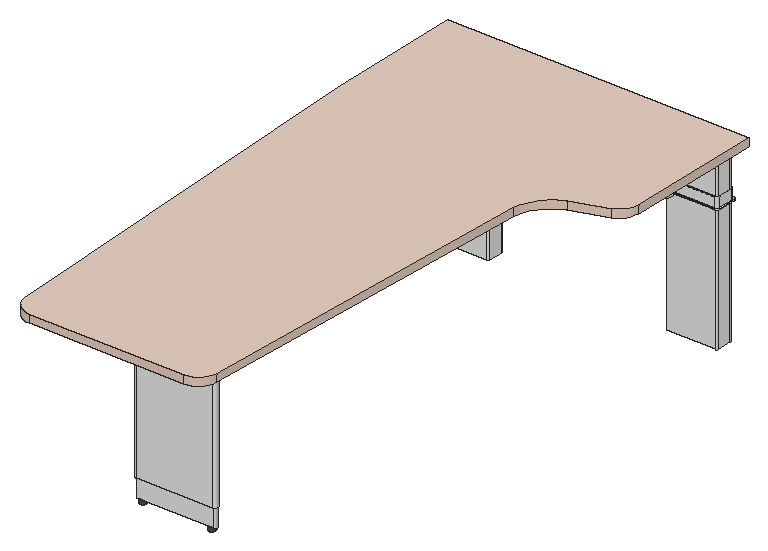
Revit family "Table-Height_Adjustable-Teknion-BH_EP_Height_Adjustable_Extended_Tapered_Peninsula_Bevel_Post_Leg_Mid_Height-R2018", category Furniture, Revit 2018 (continued)
Dimensions and locks (in)
  Sweep 21 sketch curve to Sweep 21 sketch curve to plane 6 "Back" = 0.1811" locked, 5.33465" locked
  Sweep 16 to Sweep 21 sketch curve to Sweep 21 sketch curve to Sweep 21 sketch curve to Sweep 21 sketch curve to Sweep 21 sketch curve to Sweep 21 sketch curve to Sweep 21 sketch curve to Sweep 21 sketch curve to Sweep 21 sketch curve to Sweep 21 sketch curve to Sweep 21 sketch curve to Sweep 21 sketch curve to Sweep 21 sketch curve to Sweep 21 sketch curve to Sweep 21 sketch curve = 7.59252" locked, 0.1122" locked, 0.16283" locked, 0.02812" locked, 0.01716" locked, 0.06158" locked, 0.14764" locked, 0.07087" locked, 0.14764" locked, 0.06158" locked, 0.01716" locked, 0.02812" locked, 0.16283" locked, 0.1122" locked, 0.12795" locked
  plane 16 to Sweep 21 sketch curve to Sweep 21 sketch curve to Sweep 21 sketch curve to Sweep 21 sketch curve to Sweep 21 sketch curve to Sweep 21 sketch curve to Sweep 21 sketch curve to Sweep 21 sketch curve to Sweep 21 sketch curve to Sweep 21 sketch curve to Sweep 21 sketch curve to Sweep 21 sketch curve to Sweep 21 sketch curve to Sweep 21 sketch curve to Sweep 21 sketch curve = 0.28949" locked, 0.10236" locked, 0.1122" locked, 0.05906" locked, 0.10377" locked, 0.000" locked, 0.01828" locked, 0.027" locked, 0.000" locked, 0.11867" locked, 0.000" locked, 0.16929" locked, 0.000" locked, 0.12598" locked, 0.1122" locked
  curve 29 to plane 17 to curve 30 = 1.90011" locked, 1.89961" locked
  curve 33 to plane 17 to curve 37 to curve 35 = 6.29921" locked, 6.29871" locked, 0.0005" locked
  curve 20 to curve 17 to curve 26 to plane 17 to curve 28 to curve 22 to curve 18 = 0.000" locked, 0.54891" locked, 5.25031" locked, 5.25031" locked, 0.54891" locked, 0.000" locked
  locked: plane 18 to plane 17 at 6
  locked: plane 7 "Front" to plane 19 at 14
  "Modesty Panel Offset": plane 6 "Back" to plane 20
  "Modesty Panel Height": plane 16 to plane 21
  locked: plane 18 to Sweep 22 sketch curve at 1.01575
  plane 16 to Sweep 23 sketch curve to Sweep 23 sketch curve to Sweep 23 sketch curve = 0.0002" locked, 0.04724" locked, 0.58268" locked
  Sweep 23 sketch curve to Sweep 23 sketch curve to Sweep 23 sketch curve to Sweep 23 sketch curve to plane 18 = 0.04724" locked, 0.54331" locked, 0.04724" locked, 0.27559" locked
  Sweep 24 sketch curve to Sweep 24 sketch curve to Sweep 24 sketch curve to Sweep 22 to plane 18 = 0.27559" locked, 0.04724" locked, 0.27559" locked, 0.000" locked
  plane 16 to Sweep 24 sketch curve to Sweep 24 sketch curve = 0.59093" locked, 0.000" locked
  Sweep 26 sketch curve to Sweep 26 sketch curve to plane 18 = 0.38976" locked, 0.23622" locked
  plane 16 to Sweep 26 sketch curve to Sweep 26 sketch curve = 0.11438" locked, 1.18898" locked
  locked: Sweep 25 sketch curve to plane 21 at 0.00981
  locked: plane 18 to Sweep 25 sketch curve at 0.23622
  locked: plane 20 to Sweep 26 sketch curve at 5.17346
  locked: Sweep 26 sketch curve to plane 19 at 2.173
  "Grommet Plan View Offset": plane 4 "Left" to Sweep 3 sketch curve
  "Grommet Plan View Offset": plane 4 "Left" to Sweep 2 sketch curve
  "Arc Radius 1": radius of Masking region 1 sketch curve  (x3)
  "Arc Radius 2": radius of Masking region 1 sketch curve
  "Arc Radius 1": radius of Sweep 1 sketch curve  (x3)
  "Arc Radius 2": radius of Sweep 1 sketch curve
  aligned and locked: level to plane 2
  aligned and locked: Masking region 1 sketch curve to plane 6 "Back"
  aligned and locked: plane 9 to Masking region 1 sketch curve
  aligned and locked: plane 5 "Right" to Masking region 1 sketch curve
  aligned and locked: plane 11 to Masking region 1 sketch curve
  aligned and locked: plane 3 "Center Left/Right" to Sweep 1 sketch curve
  aligned and locked: plane 8 "Top" to Sweep 1 sketch curve
  aligned and locked: plane 16 to Sweep 1 sketch curve
  aligned and locked: plane 6 "Back" to Sweep 1 sketch curve
  aligned and locked: Sweep 1 sketch curve to plane 4 "Left"
  aligned and locked: plane 3 "Center Left/Right" to Sweep 2 sketch curve
  aligned and locked: plane 3 "Center Left/Right" to Sweep 3 sketch curve
  aligned and locked: Sweep 4 sketch curve to plane 3 "Center Left/Right"
  aligned and locked: plane 3 "Center Left/Right" to Sweep 5 sketch curve
  aligned and locked: Sweep 6 sketch curve to plane 17
  aligned and locked: plane 3 "Center Left/Right" to Sweep 7 sketch curve
  aligned and locked: plane 3 "Center Left/Right" to Sweep 8 sketch curve
  aligned and locked: plane 3 "Center Left/Right" to Sweep 9 sketch curve
  aligned and locked: plane 3 "Center Left/Right" to Sweep 10 sketch curve
  aligned and locked: Sweep 11 sketch curve to plane 3 "Center Left/Right"
  aligned and locked: plane 3 "Center Left/Right" to Sweep 12 sketch curve
  aligned and locked: plane 3 "Center Left/Right" to Sweep 13 sketch curve
  aligned and locked: plane 3 "Center Left/Right" to Sweep 14 sketch curve
  aligned and locked: plane 3 "Center Left/Right" to Sweep 15 sketch curve
  aligned and locked: plane 3 "Center Left/Right" to Sweep 16 sketch curve
  aligned and locked: plane 3 "Center Left/Right" to Sweep 17 sketch curve
  aligned and locked: plane 3 "Center Left/Right" to Sweep 18 sketch curve
  aligned and locked: plane 3 "Center Left/Right" to Sweep 19 sketch curve
  aligned and locked: plane 3 "Center Left/Right" to Sweep 20 sketch curve
  aligned and locked: plane 3 "Center Left/Right" to Sweep 21 sketch curve
  aligned and locked: curve 1 to Sweep 2
  aligned and locked: curve 2 to Sweep 2
  aligned and locked: curve 3 to Sweep 2
  aligned and locked: Sweep 2 to curve 4
  aligned and locked: curve 5 to Sweep 3
  aligned and locked: curve 6 to Sweep 3
  aligned and locked: curve 7 to Sweep 3
  aligned and locked: Sweep 3 to curve 8
  aligned and locked: curve 9 to Sweep 3
  aligned and locked: curve 10 to Sweep 3
  aligned and locked: curve 11 to Sweep 3
  aligned and locked: curve 12 to Sweep 3
  aligned and locked: curve 15 to cut or joined group of Sweep 6, Sweep 8, Sweep 10
  aligned and locked: curve 24 to Sweep 5
  aligned and locked: curve 31 to cut or joined group of Sweep 6, Sweep 8, Sweep 10
  aligned and locked: cut or joined group of Sweep 6, Sweep 8, Sweep 10 to curve 32
  aligned and locked: cut or joined group of Sweep 6, Sweep 8, Sweep 10 to curve 34
  aligned and locked: curve 36 to cut or joined group of Sweep 6, Sweep 8, Sweep 10
  aligned and locked: cut or joined group of Sweep 9, Sweep 11, Sweep 12 to curve 39
  aligned and locked: curve 40 to cut or joined group of Sweep 9, Sweep 11, Sweep 12
  aligned and locked: curve 41 to cut or joined group of Sweep 9, Sweep 11, Sweep 12
  aligned and locked: curve 42 to cut or joined group of Sweep 9, Sweep 11, Sweep 12
  aligned and locked: curve 43 to cut or joined group of Sweep 9, Sweep 11, Sweep 12
  aligned and locked: curve 44 to cut or joined group of Sweep 9, Sweep 11, Sweep 12
  aligned and locked: curve 45 to cut or joined group of Sweep 9, Sweep 11, Sweep 12
  aligned and locked: curve 46 to cut or joined group of Sweep 9, Sweep 11, Sweep 12
  aligned and locked: curve 47 to cut or joined group of Sweep 9, Sweep 11, Sweep 12
  aligned and locked: curve 48 to cut or joined group of Sweep 9, Sweep 11, Sweep 12
  aligned and locked: curve 49 to cut or joined group of Sweep 9, Sweep 11, Sweep 12
  aligned and locked: curve 51 to Sweep 14
  aligned and locked: curve 53 to Sweep 14
  aligned and locked: curve 55 to Sweep 14
  aligned and locked: curve 57 to Sweep 14
  aligned and locked: curve 59 to Sweep 14
  aligned and locked: curve 61 to Sweep 14
  aligned and locked: curve 63 to Sweep 14
  aligned and locked: curve 65 to Sweep 14
  aligned and locked: curve 66 to cut or joined group of Sweep 9, Sweep 11, Sweep 12
  aligned and locked: curve 68 to Sweep 15
  aligned and locked: curve 69 to Sweep 15
  aligned and locked: curve 70 to Sweep 15
  aligned and locked: curve 71 to Sweep 16
  aligned and locked: curve 72 to Sweep 16
  aligned and locked: curve 73 to Sweep 16
  aligned and locked: curve 75 to Sweep 4
  aligned and locked: curve 77 to Sweep 4
  aligned and locked: curve 79 to Sweep 4
  aligned and locked: curve 81 to Sweep 4
  aligned and locked: curve 83 to Sweep 14
  aligned and locked: curve 85 to Sweep 14
  aligned and locked: curve 87 to Sweep 14
  aligned and locked: curve 89 to Sweep 14
  aligned and locked: curve 91 to Sweep 13
  aligned and locked: curve 93 to Sweep 13
  aligned and locked: curve 95 to Sweep 13
  aligned and locked: curve 97 to Sweep 13
  aligned and locked: curve 99 to Sweep 14
  aligned and locked: curve 101 to Sweep 14
  aligned and locked: curve 103 to Sweep 14
  aligned and locked: curve 105 to Sweep 14
  aligned and locked: curve 107 to Sweep 13
  aligned and locked: curve 109 to Sweep 13
  aligned and locked: curve 111 to Sweep 13
  aligned and locked: curve 113 to Sweep 13
  aligned and locked: curve 114 to Sweep 17
  aligned and locked: curve 115 to Sweep 17
  aligned and locked: curve 116 to Sweep 17
  aligned and locked: curve 117 to Sweep 17
  aligned and locked: curve 118 to Sweep 17
  aligned and locked: curve 119 to Sweep 17
  aligned and locked: curve 120 to Sweep 17
  aligned and locked: curve 121 to Sweep 17
  aligned and locked: curve 122 to Sweep 17
  aligned and locked: curve 123 to Sweep 18
  aligned and locked: curve 124 to Sweep 19
  aligned and locked: curve 125 to Sweep 19
  aligned and locked: curve 126 to Sweep 21
  aligned and locked: curve 127 to Sweep 21
  aligned and locked: curve 128 to Sweep 21
  aligned and locked: curve 129 to Sweep 21
  aligned and locked: curve 130 to Sweep 20
  aligned and locked: curve 131 to Sweep 20
  aligned and locked: curve 132 to Sweep 20
  aligned and locked: curve 38 to cut or joined group of Sweep 9, Sweep 11, Sweep 12
  aligned and locked: plane 3 "Center Left/Right" to Sweep 22 sketch curve
  aligned and locked: plane 20 to Sweep 22 sketch curve
  aligned and locked: plane 19 to Sweep 22 sketch curve
  aligned and locked: Sweep 22 sketch curve to plane 16
  aligned and locked: plane 21 to Sweep 22 sketch curve
  aligned and locked: Sweep 22 sketch curve to plane 18
  aligned and locked: plane 3 "Center Left/Right" to nested 1
  aligned and locked: nested 1 to plane 6 "Back"
  aligned and locked: plane 19 to Sweep 24 sketch curve
  aligned and locked: Sweep 24 sketch curve to plane 3 "Center Left/Right"
  aligned and locked: plane 20 to Sweep 24 sketch curve
  aligned and locked: plane 21 to Sweep 24 sketch curve
  aligned and locked: Sweep 24 sketch curve to plane 21
  aligned and locked: Sweep 23 sketch curve to plane 3 "Center Left/Right"
  aligned and locked: plane 20 to Sweep 23 sketch curve
  aligned and locked: plane 19 to Sweep 23 sketch curve
  aligned and locked: Sweep 23 sketch curve to plane 21
  aligned and locked: plane 20 to Sweep 25 sketch curve
  aligned and locked: plane 19 to Sweep 25 sketch curve
  aligned and locked: Sweep 25 sketch curve to plane 3 "Center Left/Right"
  aligned and locked: plane 16 to Sweep 25 sketch curve
  aligned and locked: plane 18 to Sweep 25 sketch curve
  aligned and locked: Sweep 26 sketch curve to plane 3 "Center Left/Right"
  aligned and locked: curve 133 to Sweep 22
  aligned and locked: curve 134 to Sweep 22
  aligned and locked: curve 137 to Sweep 23
  aligned and locked: curve 138 to Sweep 23
  aligned and locked: curve 139 to Sweep 23
  aligned and locked: curve 140 to Sweep 24
  aligned and locked: curve 141 to Sweep 23
  aligned and locked: curve 142 to Sweep 23
  aligned and locked: curve 143 to Sweep 23
  aligned and locked: curve 144 to Sweep 24
  aligned and locked: curve 145 to Sweep 24
  aligned and locked: curve 147 to Sweep 25
  aligned and locked: curve 148 to Sweep 25
  aligned and locked: curve 149 to Sweep 25
  aligned and locked: curve 150 to Sweep 25
  aligned and locked: curve 151 to Sweep 26
  aligned and locked: curve 152 to Sweep 26
  aligned and locked: curve 153 to Sweep 26
  aligned and locked: curve 154 to plane 4 "Left"
  aligned and locked: plane 7 "Front" to curve 155
  aligned and locked: curve 156 to plane 5 "Right"
  aligned and locked: curve 157 to plane 6 "Back"
Automatic sketch dimensions
  Sweep 4 sketch curve to Sweep 4 sketch curve = 0.41339"  (x3)
  Sweep 4 sketch curve to Sweep 4 sketch curve = 1.18898"
  Masking region 1 sketch curve to plane 4 "Left" = 0.000"
  Sweep 5 sketch curve to Sweep 5 sketch curve = 0.15647"  (x2)
  Sweep 6 sketch curve to Sweep 6 sketch curve = 0.22741"  (x2)
  Sweep 12 sketch curve to Sweep 12 sketch curve = 0.250"  (x6)
  Sweep 12 sketch curve to Sweep 12 sketch curve = 0.000"  (x2)
  Sweep 13 sketch curve to Sweep 13 sketch curve = 0.55512"  (x2)
  Sweep 13 sketch curve to Sweep 13 sketch curve = 0.000"  (x2)
  Sweep 13 sketch curve to Sweep 13 sketch curve = 0.08268"  (x4)
  Sweep 13 sketch curve to Sweep 13 sketch curve = 0.16732"  (x8)
  Sweep 14 sketch curve to Sweep 14 sketch curve = 0.44685"  (x6)
  Sweep 14 sketch curve to Sweep 14 sketch curve = 0.000"  (x4)
  Sweep 14 sketch curve to Sweep 14 sketch curve = 0.00049"  (x6)
  Sweep 21 sketch curve to Sweep 21 sketch curve = 0.12795"
  Sweep 21 sketch curve to Sweep 21 sketch curve = 0.10236"
  curve 17 to curve 20 = 0.000"
  curve 18 to curve 22 = 0.000"
  curve 16 to curve 19 = 0.07093"
  curve 19 to curve 20 = 0.15647"
  plane 17 to curve 15 = 2.96063"
  curve 15 to curve 24 = 0.03838"
  curve 30 to curve 23 = 1.02264"
  curve 23 to curve 15 = 0.03838"
  curve 18 to curve 23 = 0.15647"
  curve 22 to curve 14 = 0.07093"
  curve 33 to curve 13 = 2.46063"
  curve 17 to curve 21 = 0.13386"
  curve 22 to curve 22 = 0.29528"
  curve 20 to curve 17 = 0.29528"
  curve 17 to curve 26 = 0.15704"
  curve 22 to curve 28 = 0.15704"
  curve 20 to curve 26 = 0.04891"
  curve 123 to curve 124 = 0.18012"
  curve 125 to curve 123 = 0.18012"
  curve 27 to curve 27 = 0.500"
  curve 37 to curve 35 = 0.000"
  Sweep 24 sketch curve to Sweep 24 sketch curve = 0.27559"
  curve 144 to curve 143 = 0.000"
  curve 157 to plane 4 "Left" = 0.000"
  curve 154 to curve 157 = 1.71827"
  radius of Sweep 7 sketch curve = 0.500"  (x2)
Nested families (in)
  nested 1: "Teknion_2D_Node_Family-R2016" at (0, 43.5, 0), visible <- "Connection Node Visibility", type "Teknion_2D_Node_Family-R2016"
Definition of nested family "Teknion_2D_Node_Family-R2016"
  Reference planes (in)
    plane 1 "Center (Front/Back)": y = 0
    plane 2: z = 0
    plane 3 "Center (Left/Right)": x = 0
  Lines and regions (in)
    detail lines, in view "Ref. Level"
      curve 1: circle (0, 0, 0) r 1.25 normal (0, 0, 1)
      curve 2: line (1.91508, -1.91508, 0) -> (-1.91508, 1.91508, 0)
      curve 3: line (-1.91508, -1.91508, 0) -> (1.91508, 1.91508, 0)
Types (4): name | Square Grommet Cut | Offset-Rectangular & Square | Offset-Rectangular | Modesty Panel Height | No Grommet | Model | Description | 6" Height Suspended Modesty Panel | 10" Height Suspended Modesty Panel
  (no name) | 0.500" | no | no | 10.009" | yes | "BH_EPK______N__E" | "Height-Adjustable Extended Tapered Peninsula - Bevel Post Leg- Mid-Height, Mid-Height Configuration, No Grommet, Extended Range 26\" to 48\"" | no | yes
  No Grommet | 0.500" | no | no | 10.009" | yes | "BH_EPK______N__E" | "Height-Adjustable Extended Tapered Peninsula - Bevel Post Leg- Mid-Height, Mid-Height Configuration, No Grommet, Extended Range 26\" to 48\"" | no | yes
  Offset - Rectangular Grommet | 0.500" | no | yes | 10.009" | no | "BH_EPK______O__E" | "Height-Adjustable Extended Tapered Peninsula - Bevel Post Leg- Mid-Height, Mid-Height Configuration, Offset - Rectangular, Extended Range 26\" to 48\"" | no | yes
  Offset - Retangular & Square Grommet | 4.000" | yes | yes | 6.636" | no | "BH_EPK______P__E" | "Height-Adjustable Extended Tapered Peninsula - Bevel Post Leg- Mid-Height, Mid-Height Configuration, Offset - Rectangular & Square, Extended Range 26\" to 48\"" | yes | no
